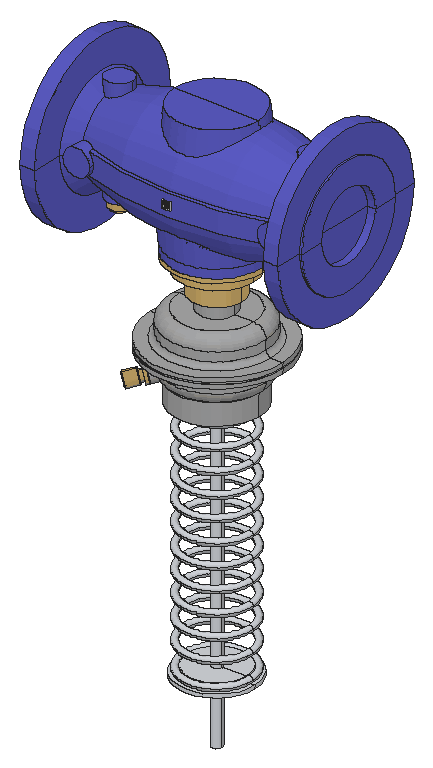
Revit family "Differenzdruckregler F_4007_20-80kPa_HF", category Rohrzubehör, Revit 2019
Family settings
  Bemaßung runder Anschluss = Durchmesser verwenden
  Teiletyp = Unterbricht
  OmniClass-Nummer = 23.65.55.14
  OmniClass-Titel = Valves for Liquid Services
  Arbeitsebenenbasiert = Nein
  Immer vertikal = Ja
  Beim Laden mit Abzugskörper schneiden = Nein
  Gemeinsam genutzt = Nein
Parameters
  Min. Betriebstemperatur (Frostschutz) = -10 °C  # constant formula
  Min. Betriebstemperatur = 2 °C  # constant formula
  Max. Betriebsdruck = 1600000.0 Pa  # constant formula
  Max. Betriebstemperatur = 110 °C  # constant formula
  URL = "www.herz-armaturen.at"
  Sollwertfeder = "EN 10270-1-SH"  # constant formula
  SCRNSEQ = "ARM;ARM_TYP=\"DIFR\";2"
  SCRNCODE = "05;03;02"  # constant formula
  S02 [instance] = H03 + H13  # 141 mm
  S01 [instance] = (2 * H02) + (2 * H04) + H05  # 72.7 mm
  R99 = 14 mm  # constant formula
  R98 = 6 mm  # constant formula
  R97 = 2 mm  # constant formula
  R02 = 15.5 mm  # constant formula
  R01 [instance] = size_lookup("4007_F_20-80_HF", "R1", 45.5 mm, Nennweite)  # 63.5 mm
  R00 [instance] = size_lookup("4007_F_20-80_HF", "R", 53 mm, Nennweite)  # 70 mm
  Nennweite [instance] = 80 mm
  Membrane und O-Ringe = "EPDM"  # constant formula
  Medium = "Die Verwendung von Ethylen- und Propylenglykol ist im Mischungsverhältnis 25 - 50 % zulässig. Heizwasserqualität entsprechend ÖNORM H 5195 bzw. VDI-Richtlinie 2035"
  L05 [instance] = L04 - 6.3 mm  # 114.7 mm
  L04 [instance] = size_lookup("4007_F_20-80_HF", "L4", 81 mm, Nennweite)  # 121 mm
  L03 = 10 mm  # constant formula
  L02 [instance] = size_lookup("4007_F_20-80_HF", "L2", 15 mm, Nennweite)  # 17 mm
  L01 = 3 mm  # constant formula
  L00 [instance] = size_lookup("4007_F_20-80_HF", "L", 115 mm, Nennweite)  # 155 mm
  Hersteller = "HERZ Armaturen Ges.m.b.H."  # constant formula
  H19 [instance] = size_lookup("4007_F_20-80_HF", "H19", 9 mm, Nennweite)  # 603 mm
  H18 [instance] = H19 - 75 mm  # 528 mm
  H17 = 6 mm  # constant formula
  H16 = 10 mm  # constant formula
  H15 = 24.5 mm  # constant formula
  H14 = 5 mm  # constant formula
  H13 = 17 mm  # constant formula
  H12 [instance] = R00 + 4 mm  # 74 mm
  H11 [instance] = R00 + 10 mm  # 80 mm
  H10 = 5 mm  # constant formula
  H09 [instance] = size_lookup("4007_F_20-80_HF", "H9", 9 mm, Nennweite)  # 11 mm
  H08 = 21 mm  # constant formula
  H07 [instance] = R00 + 23.4 mm  # 93.4 mm
  H06 [instance] = D12 + 15 mm  # 63.5 mm
  H05 = 2.5 mm  # constant formula
  H04 = 4.6 mm  # constant formula
  H03 [instance] = H08 + H09 + H10 + H11 + H14 + R97  # 124 mm
  H02 [instance] = size_lookup("4007_F_20-80_HF", "H2", 30.5 mm, Nennweite)  # 30.5 mm
  H01 [instance] = size_lookup("4007_F_20-80_HF", "H1", 210 mm, Nennweite)  # 226 mm
  Gehäuse = "Grauguss GJL250 nach EN 1561"  # constant formula
  Differenzdruck Einstellbereich = "20-80 kPa"  # constant formula
  DN80 [instance] = Nennweite = 80 mm  # yes
  D17 = 6 mm  # constant formula
  D16 = 45 mm  # constant formula
  D15 = 35 mm  # constant formula
  D14 = 50 mm  # constant formula
  D13 [instance] = D11 + 10 mm  # 59 mm
  D12 [instance] = R01 - 15 mm  # 48.5 mm
  D11 [instance] = size_lookup("4007_F_20-80_HF", "D11", 40 mm, Nennweite)  # 49 mm
  D10 [instance] = D11 + 5 mm  # 54 mm
  D09 [instance] = D11 - 5 mm  # 44 mm
  D08 = 24 mm  # constant formula
  D07 = 29.5 mm  # constant formula
  D06 [instance] = size_lookup("4007_F_20-80_HF", "D6", 51 mm, Nennweite)  # 57.8 mm
  D05 [instance] = D04 - 1 mm  # 77 mm
  D04 [instance] = size_lookup("4007_F_20-80_HF", "D4", 51 mm, Nennweite)  # 78 mm
  D03 = 21 mm  # constant formula
  D02 [instance] = Nennweite / 2  # 40 mm
  D01 [instance] = size_lookup("4007_F_20-80_HF", "D1", 51 mm, Nennweite)  # 69 mm
  D00 [instance] = size_lookup("4007_F_20-80_HF", "D", 82.5 mm, Nennweite)  # 100 mm
  Bestellnummer [instance] = if(Nennweite = 80 mm, "F400738", "0")  # "F400738"
  Ausführung = "Der Differenzdruckregler ist ein Proportionalregler in Geradsitzausführung und arbeitet ohne Hilfsenergie für Zweirohranlagen. Der gewünschte Differenzdruck- Sollwert kann zwischen 20 und 80 kPa stufenlos eingestellt werden."
  Anwendung = "Für Heizungs- und Kühlanlagen um den Differenzdruck innerhalb des regeltechnischen Bereiches konstant zu halten."
  Anschlussflansch = "EN 1092-2"  # constant formula
Reference planes
  plane 1 "Mitte (Vorne/hinten)": y = 0
  plane 2: z = -0.015
  plane 3 "Mitte (Links/rechts)": x = 0
Forms (mm)
  Revolve 1, solid, material "Herz-Marineblau", detail levels fine
    sketch origin (1065, 0, 0) x (1, 0, 0) y (0, 1, 0)
      loop
        line (-1217, 100) -> (-1217, 69) -> (-1220, 69) -> (-1220, 40) -> (-1210, 40) -> (-1210, 0) -> (-920, 0) -> (-920, 40) -> (-910, 40) -> (-910, 69) -> (-913, 69) -> (-913, 100) -> (-930, 100) -> (-930, 63.5) -> (-944, 48.5)
        arc (-944, 48.5) -> (-1065, 70) -> (-1186, 48.5) r 351.238
        line (-1186, 48.5) -> (-1200, 63.5) -> (-1200, 100) -> (-1217, 100)
      axis (-1220, 0) -> (-910, 0)
    angle from 0 to 360
  Extrusion 2, solid, material "Herz-Marineblau", detail levels fine
    sketch origin (0, 0, 0) x (1, 0, 0) y (0, 1, 0)
      loop
        circle (-114.7, 0) r 15.5
      loop
        circle (114.7, 0) r 15.5
    from -63.515 to 63.485
  Extrusion 3, solid, material "Herz-Marineblau", detail levels fine
    sketch origin (0, 0, 0) x (-1, 0, 0) y (0, 0, -1)
      loop
        circle (114.7, 0) r 15.5
      loop
        circle (-114.7, 0) r 15.5
    from -63.5 to 63.5
  Revolve 4, solid, material "Herz-Marineblau", detail levels fine
    sketch origin (92.737, 0, -45.97) x (1, 0, 0) y (0, 0, 1)
      loop
        line (-92.737, 119.955) -> (-92.737, -34.045) -> (-38.737, -34.045) -> (-38.737, -24.045) -> (-33.737, 45.97) -> (-43.737, 119.955) -> (-92.737, 119.955)
      axis (-92.737, 119.955) -> (-92.737, -34.045)
    angle from 0 to 360
  Revolve 5, solid, material "Messing", detail levels fine
    sketch origin (446.725, 0, 35.707) x (1, 0, 0) y (0, 0, 1)
      loop
        line (-446.725, -115.722) -> (-446.725, -159.722) -> (-417.225, -159.722) -> (-417.225, -138.722) -> (-422.725, -138.722) -> (-422.725, -133.722) -> (-402.725, -133.722) -> (-402.725, -122.722)
        arc (-402.725, -122.722) -> (-402.14, -121.308) -> (-400.725, -120.722) r 2
        line (-400.725, -120.722) -> (-392.725, -120.722) -> (-392.725, -115.722) -> (-446.725, -115.722)
      axis (-446.725, -159.722) -> (-446.725, -115.722)
    angle from 0 to 360
  Revolve 6, solid, material "Aluminium", detail levels fine
    sketch origin (925.114, 0, 19.41) x (1, 0, 0) y (0, 0, 1)
      loop
        line (-925.114, -143.425) -> (-925.114, -257.625) -> (-875.114, -257.625) -> (-875.114, -233.125) -> (-881.314, -233.125)
        arc (-881.314, -233.125) -> (-871.414, -229.025) -> (-867.314, -219.125) r 14
        line (-867.314, -219.125) -> (-867.314, -208.625)
        arc (-867.314, -208.625) -> (-865.556, -204.383) -> (-861.314, -202.625) r 6
        line (-861.314, -202.625) -> (-847.114, -202.625) -> (-847.114, -198.025) -> (-848.114, -198.025) -> (-848.114, -195.525) -> (-847.114, -195.525) -> (-847.114, -190.925) -> (-861.314, -190.925)
        arc (-861.314, -190.925) -> (-865.556, -189.168) -> (-867.314, -184.925) r 6
        line (-867.314, -184.925) -> (-867.314, -174.425)
        arc (-867.314, -174.425) -> (-871.414, -164.526) -> (-881.314, -160.425) r 14
        line (-881.314, -160.425) -> (-904.114, -160.425) -> (-904.114, -143.425) -> (-925.114, -143.425)
      axis (-925.114, -143.425) -> (-925.114, -257.625)
    angle from 0 to 360
  Extrusion 7, solid, material "Herz-Marineblau", visible <- "DN80", detail levels fine
    sketch origin (0, 0, 0) x (1, 0, 0) y (0, 1, 0)
      loop
        arc (-114.7, -54.973) -> (0, -74) -> (114.7, -54.973) r 355.238
        line (114.7, -54.973) -> (114.7, 54.973)
        arc (114.7, 54.973) -> (0, 74) -> (-114.7, 54.973) r 355.238
        line (-114.7, 54.973) -> (-114.7, -54.973)
    from -12.5 to 12.5
  Revolve 8, solid, detail levels fine
    sketch origin (0, 0, 0) x (1, 0, 0) y (0, 0, 1)
      loop
        line (0, -528.015) -> (45, -528.015) -> (45, -524.015) -> (35, -524.015) -> (35, -518.015) -> (0, -518.015) -> (0, -528.015)
      axis (0, -518.015) -> (0, -528.015)
    angle from 0 to 360
  Revolve 9, solid, detail levels fine
    sketch origin (0, 0, 0) x (1, 0, 0) y (0, 0, 1)
      loop
        line (0, -223.015) -> (0, -603.015) -> (6, -603.015) -> (6, -223.015) -> (0, -223.015)
      axis (0, -223.015) -> (0, -603.015)
    angle from 0 to 360
  Sweep 10, solid, visible <- "DN80", detail levels fine
    path in 3D
      loop
        arc (-39, 0, -241.715) -> (0, -39, -241.715) -> (39, 0, -241.715) r 39
        arc (39, 0, -241.715) -> (0, 39, -241.715) -> (-39, 0, -241.715) r 39
    profile origin (0, 39, -241.715) x (0, -1, 0) y (0, 0, 1)
      loop
        circle (0, 0) r 3.5
  Sweep 11, solid, visible <- "DN80", detail levels fine
    path in 3D
      loop
        arc (-39, 0, -266.715) -> (0, -39, -266.715) -> (39, 0, -266.715) r 39
        arc (39, 0, -266.715) -> (0, 39, -266.715) -> (-39, 0, -266.715) r 39
    profile origin (0, 39, -266.715) x (0, -1, 0) y (0, 0, 1)
      loop
        circle (0, 0) r 3.5
  Sweep 12, solid, visible <- "DN80", detail levels fine
    path in 3D
      loop
        arc (-39, 0, -291.715) -> (0, -39, -291.715) -> (39, 0, -291.715) r 39
        arc (39, 0, -291.715) -> (0, 39, -291.715) -> (-39, 0, -291.715) r 39
    profile origin (0, 39, -291.715) x (0, -1, 0) y (0, 0, 1)
      loop
        circle (0, 0) r 3.5
  Sweep 13, solid, visible <- "DN80", detail levels fine
    path in 3D
      loop
        arc (-39, 0, -316.715) -> (0, -39, -316.715) -> (39, 0, -316.715) r 39
        arc (39, 0, -316.715) -> (0, 39, -316.715) -> (-39, 0, -316.715) r 39
    profile origin (0, 39, -316.715) x (0, -1, 0) y (0, 0, 1)
      loop
        circle (0, 0) r 3.5
  Sweep 14, solid, visible <- "DN80", detail levels fine
    path in 3D
      loop
        arc (-39, 0, -341.715) -> (0, -39, -341.715) -> (39, 0, -341.715) r 39
        arc (39, 0, -341.715) -> (0, 39, -341.715) -> (-39, 0, -341.715) r 39
    profile origin (0, 39, -341.715) x (0, -1, 0) y (0, 0, 1)
      loop
        circle (0, 0) r 3.5
  Sweep 15, solid, visible <- "DN80", detail levels fine
    path in 3D
      loop
        arc (-39, 0, -366.715) -> (0, -39, -366.715) -> (39, 0, -366.715) r 39
        arc (39, 0, -366.715) -> (0, 39, -366.715) -> (-39, 0, -366.715) r 39
    profile origin (0, 39, -366.715) x (0, -1, 0) y (0, 0, 1)
      loop
        circle (0, 0) r 3.5
  Sweep 16, solid, visible <- "DN80", detail levels fine
    path in 3D
      loop
        arc (-39, 0, -391.715) -> (0, -39, -391.715) -> (39, 0, -391.715) r 39
        arc (39, 0, -391.715) -> (0, 39, -391.715) -> (-39, 0, -391.715) r 39
    profile origin (0, 39, -391.715) x (0, -1, 0) y (0, 0, 1)
      loop
        circle (0, 0) r 3.5
  Sweep 17, solid, visible <- "DN80", detail levels fine
    path in 3D
      loop
        arc (-39, 0, -416.715) -> (0, -39, -416.715) -> (39, 0, -416.715) r 39
        arc (39, 0, -416.715) -> (0, 39, -416.715) -> (-39, 0, -416.715) r 39
    profile origin (0, 39, -416.715) x (0, -1, 0) y (0, 0, 1)
      loop
        circle (0, 0) r 3.5
  Sweep 18, solid, visible <- "DN80", detail levels fine
    path in 3D
      loop
        arc (-39, 0, -441.715) -> (0, -39, -441.715) -> (39, 0, -441.715) r 39
        arc (39, 0, -441.715) -> (0, 39, -441.715) -> (-39, 0, -441.715) r 39
    profile origin (0, 39, -441.715) x (0, -1, 0) y (0, 0, 1)
      loop
        circle (0, 0) r 3.5
  Sweep 19, solid, visible <- "DN80", detail levels fine
    path in 3D
      loop
        arc (-39, 0, -466.715) -> (0, -39, -466.715) -> (39, 0, -466.715) r 39
        arc (39, 0, -466.715) -> (0, 39, -466.715) -> (-39, 0, -466.715) r 39
    profile origin (0, 39, -466.715) x (0, -1, 0) y (0, 0, 1)
      loop
        circle (0, 0) r 3.5
  Sweep 20, solid, visible <- "DN80", detail levels fine
    path in 3D
      loop
        arc (-39, 0, -491.715) -> (0, -39, -491.715) -> (39, 0, -491.715) r 39
        arc (39, 0, -491.715) -> (0, 39, -491.715) -> (-39, 0, -491.715) r 39
    profile origin (0, 39, -491.715) x (0, -1, 0) y (0, 0, 1)
      loop
        circle (0, 0) r 3.5
  Sweep 21, solid, visible <- "DN80", detail levels fine
    path in 3D
      loop
        arc (-39, 0, -520.215) -> (0, -39, -520.215) -> (39, 0, -520.215) r 39
        arc (39, 0, -520.215) -> (0, 39, -520.215) -> (-39, 0, -520.215) r 39
    profile origin (0, 39, -520.215) x (0, -1, 0) y (0, 0, 1)
      loop
        circle (0, 0) r 3.5
  Revolve 22, solid, material "Messing, weicher Gelbton, geschweißt", visible <- "DN80", detail levels fine
    sketch origin (4.806, 4.796, -1.426) x (-0.707107, -0.707107, 0) y (0, 0, -1)
      loop
        line (70.524, 205.006) -> (72.604, 195.224) -> (76.516, 196.056) -> (75.643, 200.164) -> (80.534, 201.204) -> (81.133, 198.384) -> (94.817, 201.293) -> (95.511, 202.887) -> (94, 209.996) -> (70.524, 205.006)
      axis (94, 209.996) -> (70.524, 205.006)
    angle from 0 to 360
  Revolve 23, solid, material "Aluminium", visible <- "DN80", detail levels fine
    sketch origin (-31.256, -31.266, -12.266) x (-0.707107, -0.707107, 0) y (0, 0, -1)
      loop
        line (19.524, 194.165) -> (-44.055, 180.651) -> (-42.08, 171.359) -> (21.5, 184.873) -> (19.524, 194.165)
      axis (-44.055, 180.651) -> (19.524, 194.165)
    angle from 0 to 360
  Revolve 24, solid, material "Messing, weicher Gelbton, geschweißt", detail levels fine
    sketch origin (-10, 0, -8) x (1, 0, 0) y (0, 0, 1)
      loop
        line (-104.7, -55.515) -> (-116.7, -55.515) -> (-116.7, -64.515) -> (-113.7, -64.515) -> (-113.7, -68.015) -> (-104.7, -68.015) -> (-104.7, -55.515)
      axis (-104.7, -68.015) -> (-104.7, -55.515)
    angle from 0 to 360
  Revolve 25, solid, material "Messing, weicher Gelbton, geschweißt", detail levels fine
    sketch origin (10, 0, -8) x (-1, 0, 0) y (0, 0, -1)
      loop
        line (-104.7, 55.515) -> (-104.7, 68.015) -> (-113.7, 68.015) -> (-113.7, 64.515) -> (-116.7, 64.515) -> (-116.7, 55.515) -> (-104.7, 55.515)
      axis (-104.7, 68.015) -> (-104.7, 55.515)
    angle from 0 to 360
Lines and regions (mm)
  sketch lines
    curve 1: circle (0, 0, -241.715) r 39 normal (0, 0, 1)
    curve 2: circle (0, 0, -266.715) r 39 normal (0, 0, 1)
    curve 3: circle (0, 0, -291.715) r 39 normal (0, 0, 1)
    curve 4: circle (0, 0, -316.715) r 39 normal (0, 0, 1)
    curve 5: circle (0, 0, -341.715) r 39 normal (0, 0, 1)
    curve 6: circle (0, 0, -366.715) r 39 normal (0, 0, 1)
    curve 7: circle (0, 0, -391.715) r 39 normal (0, 0, 1)
    curve 8: circle (0, 0, -416.715) r 39 normal (0, 0, 1)
    curve 9: circle (0, 0, -441.715) r 39 normal (0, 0, 1)
    curve 10: circle (0, 0, -466.715) r 39 normal (0, 0, 1)
    curve 11: circle (0, 0, -491.715) r 39 normal (0, 0, 1)
    curve 12: circle (0, 0, -520.215) r 39 normal (0, 0, 1)
  model lines, visible <- "DN80", detail levels fine
    curve 13: line (-39, 0, -238.215) -> (39, 0, -238.215)
  model lines, detail levels coarse+medium
    curve 14: line (-155, 0, 99.985) -> (-155, 0, -100.015)
    curve 15: line (-155, 0, -100.015) -> (155, 0, 99.985)
    curve 16: line (155, 0, 99.985) -> (155, 0, -100.015)
    curve 17: line (155, 0, -100.015) -> (-155, 0, 99.985)
    curve 18: line (-77.5, 0, -50.015) -> (0, 0, -100.015)
    curve 19: line (0, 0, -100.015) -> (77.5, 0, -50.015)
    curve 20: line (0, 0, -100.015) -> (0, 0, -141.015)
    curve 21: spline (-78, 0, -177.365) -> (-75.342, 0, -167.957) -> (-67.55, 0, -159.19) -> (-55.154, 0, -151.662) -> (-39, 0, -145.885) -> (-20.188, 0, -142.254) -> (0, 0, -141.015) -> (20.188, 0, -142.254) -> (39, 0, -145.885) -> (55.154, 0, -151.662) -> (67.55, 0, -159.19) -> (75.342, 0, -167.957) -> (78, 0, -177.365) -> (75.342, 0, -186.773) -> (67.55, 0, -195.54) -> (55.154, 0, -203.069) -> (39, 0, -208.845) -> (20.188, 0, -212.477) -> (0, 0, -213.715) -> (-20.188, 0, -212.477) -> (-39, 0, -208.845) -> (-55.154, 0, -203.069) -> (-67.55, 0, -195.54) -> (-75.342, 0, -186.773) -> (-78, 0, -177.365)
    curve 22: line (-155, 100, 0) -> (-155, -100, 0)
    curve 23: line (-155, -100, 0) -> (155, 100, 0)
    curve 24: line (155, 100, 0) -> (155, -100, 0)
    curve 25: line (155, -100, 0) -> (-155, 100, 0)
    curve 26: line (-77.5, -50, 0) -> (0, -100, 0)
    curve 27: line (0, -100, 0) -> (77.5, -50, 0)
    curve 28: line (0, -100, 0) -> (0, -141, 0)
    curve 29: spline (-78, -177.35, 0) -> (-75.342, -167.942, 0) -> (-67.55, -159.175, 0) -> (-55.154, -151.647, 0) -> (-39, -145.87, 0) -> (-20.188, -142.239, 0) -> (0, -141, 0) -> (20.188, -142.239, 0) -> (39, -145.87, 0) -> (55.154, -151.647, 0) -> (67.55, -159.175, 0) -> (75.342, -167.942, 0) -> (78, -177.35, 0) -> (75.342, -186.758, 0) -> (67.55, -195.525, 0) -> (55.154, -203.053, 0) -> (39, -208.83, 0) -> (20.188, -212.461, 0) -> (0, -213.7, 0) -> (-20.188, -212.461, 0) -> (-39, -208.83, 0) -> (-55.154, -203.053, 0) -> (-67.55, -195.525, 0) -> (-75.342, -186.758, 0) -> (-78, -177.35, 0)
Dimensions and locks
  "H06": Extrusion 3 to plane 1 "Mitte (Vorne/hinten)" to Extrusion 3  (x2)
  "L02": Revolve 1 sketch curve to Revolve 1 sketch curve  (x2)
  "L01": Revolve 1 sketch curve to Revolve 1 sketch curve  (x2)
  "L00": Revolve 1 sketch curve to plane 3 "Mitte (Links/rechts)" to Revolve 1 sketch curve
  "L03": Revolve 1 sketch curve to Revolve 1 sketch curve  (x2)
  "D02": plane 1 "Mitte (Vorne/hinten)" to Revolve 1 sketch curve  (x2)
  "L04": plane 3 "Mitte (Links/rechts)" to Revolve 1 sketch curve
  "R01": plane 1 "Mitte (Vorne/hinten)" to Revolve 1 sketch curve
  "D01": plane 1 "Mitte (Vorne/hinten)" to Revolve 1 sketch curve  (x2)
  "D00": plane 1 "Mitte (Vorne/hinten)" to Revolve 1 sketch curve  (x2)
  "H06": Extrusion 2 to plane 2 to Extrusion 2  (x2)
  "L04": Revolve 1 sketch curve to plane 3 "Mitte (Links/rechts)"
  "R00": Revolve 1 sketch curve to Revolve 1 sketch curve
  "R01": Revolve 1 sketch curve to Revolve 1 sketch curve
  "D05": Revolve 6 sketch curve to Revolve 6 sketch curve
  "D04": Revolve 6 sketch curve to Revolve 6 sketch curve  (x2)
  "H04": Revolve 6 sketch curve to Revolve 6 sketch curve  (x2)
  "H05": Revolve 6 sketch curve to Revolve 6 sketch curve
  "H02": Revolve 6 sketch curve to Revolve 6 sketch curve  (x2)
  "H03": plane 2 to Revolve 6 sketch curve
  "D06": Revolve 6 sketch curve to Revolve 6 sketch curve
  "D03": Revolve 6 sketch curve to Revolve 6 sketch curve
  "D07": Revolve 5 sketch curve to Revolve 5 sketch curve
  "D08": Revolve 5 sketch curve to Revolve 5 sketch curve
  "H08": Revolve 5 sketch curve to Revolve 5 sketch curve
  "D09": Revolve 5 sketch curve to Revolve 5 sketch curve
  "D10": Revolve 5 sketch curve to Revolve 5 sketch curve
  "H10": Revolve 5 sketch curve to Revolve 5 sketch curve
  "H11": plane 2 to Revolve 4 sketch curve
  "H11": plane 2 to Revolve 5 sketch curve
  "D10": Revolve 4 sketch curve to Revolve 4 sketch curve
  "H12": Revolve 4 sketch curve to plane 2
  "L05": Extrusion 2 sketch curve to plane 3 "Mitte (Links/rechts)"
  "L05": plane 3 "Mitte (Links/rechts)" to Extrusion 2 sketch curve
  "L05": plane 3 "Mitte (Links/rechts)" to Extrusion 3 sketch curve
  "L05": Extrusion 3 sketch curve to plane 3 "Mitte (Links/rechts)"
  "D12": Revolve 1 sketch curve to Revolve 1 sketch curve  (x2)
  "D06": plane 3 "Mitte (Links/rechts)" to Revolve 6 sketch curve
  "R00": plane 2 to Revolve 4 sketch curve
  "D11": Revolve 4 sketch curve to Revolve 4 sketch curve
  "D13": Revolve 4 sketch curve to Revolve 4 sketch curve
  "H13": Revolve 6 sketch curve to Revolve 6 sketch curve
  "H14": Revolve 5 sketch curve to Revolve 5 sketch curve
  "H09": Revolve 5 sketch curve to Revolve 5 sketch curve
  "H03": plane 2 to Revolve 5 sketch curve
  "D14": Revolve 6 sketch curve to plane 3 "Mitte (Links/rechts)"
  "H15": Revolve 6 sketch curve to Revolve 6 sketch curve
  "H16": Revolve 8 sketch curve to Revolve 8 sketch curve
  "D15": Revolve 8 sketch curve to Revolve 8 sketch curve
  "D16": Revolve 8 sketch curve to Revolve 8 sketch curve
  "H17": Revolve 8 sketch curve to Revolve 8 sketch curve
  "D17": Revolve 9 sketch curve to Revolve 9 sketch curve
  "L00": curve 14 to plane 3 "Mitte (Links/rechts)" to curve 16
  "D00": curve 17 to plane 2 to curve 15
  "D00": curve 16 to plane 2 to curve 17
  equal spacing: plane 3 "Mitte (Links/rechts)", curve 18, curve 15
  equal spacing: curve 17, curve 19, plane 3 "Mitte (Links/rechts)"
  "D00": plane 2 to curve 19
  "S02": plane 2 to curve 20
  "D04": plane 3 "Mitte (Links/rechts)" to curve 21
  "S01": curve 21 to curve 21
  "S02": plane 2 to curve 21
  "L00": curve 22 to plane 3 "Mitte (Links/rechts)" to curve 24
  "D00": curve 23 to plane 1 "Mitte (Vorne/hinten)" to curve 25
  "D00": curve 25 to plane 1 "Mitte (Vorne/hinten)" to curve 24
  equal spacing: plane 3 "Mitte (Links/rechts)", curve 26, curve 23
  equal spacing: plane 3 "Mitte (Links/rechts)", curve 27, curve 25
  "D00": curve 27 to plane 1 "Mitte (Vorne/hinten)"
  "S02": curve 28 to plane 1 "Mitte (Vorne/hinten)"
  "S01": curve 29 to curve 29
  "D04": curve 29 to plane 3 "Mitte (Links/rechts)"
  "S02": curve 29 to plane 1 "Mitte (Vorne/hinten)"
  "H19": plane 2 to Revolve 9 sketch curve
  "H18": plane 2 to Revolve 8 sketch curve
  Revolve 24 sketch curve to Revolve 24 sketch curve = 9 mm  (x2)
  Revolve 24 sketch curve to Revolve 24 sketch curve = 12.5 mm
  Revolve 24 sketch curve to Revolve 24 sketch curve = 12 mm
  "L05": plane 3 "Mitte (Links/rechts)" to Revolve 24 sketch curve
  "H06": plane 2 to Revolve 24 sketch curve
  Revolve 25 sketch curve to Revolve 25 sketch curve = 9 mm  (x2)
  Revolve 25 sketch curve to Revolve 25 sketch curve = 12.5 mm
  Revolve 25 sketch curve to Revolve 25 sketch curve = 12 mm
  "L05": Revolve 25 sketch curve to plane 3 "Mitte (Links/rechts)"
  "H06": plane 2 to Revolve 25 sketch curve
  "R99": radius of Revolve 6 sketch curve  (x2)
  "R98": radius of Revolve 6 sketch curve  (x2)
  "R02": radius of Extrusion 2 sketch curve  (x2)
  "R02": radius of Extrusion 3 sketch curve  (x2)
  "R97": radius of Revolve 5 sketch curve
  aligned and locked: level to plane 2
Automatic sketch dimensions
  Extrusion 7 sketch curve to plane 3 "Mitte (Links/rechts)" = 0 mm  (x2)
  plane 1 "Mitte (Vorne/hinten)" to Extrusion 7 sketch curve = 54.973 mm
  Extrusion 7 sketch curve to plane 3 "Mitte (Links/rechts)" = 114.7 mm
  Extrusion 7 sketch curve to plane 1 "Mitte (Vorne/hinten)" = 54.973 mm
  plane 3 "Mitte (Links/rechts)" to Extrusion 7 sketch curve = 114.7 mm
  Extrusion 7 sketch curve to Extrusion 7 sketch curve = 226.265 mm  (x2)
  Sweep 10 sketch curve to profile plane = 0 mm  (x2)
  Sweep 11 sketch curve to profile plane = 0 mm  (x2)
  Sweep 12 sketch curve to profile plane = 0 mm  (x2)
  Sweep 13 sketch curve to profile plane = 0 mm  (x2)
  Sweep 14 sketch curve to profile plane = 0 mm  (x2)
  Sweep 15 sketch curve to profile plane = 0 mm  (x2)
  Sweep 16 sketch curve to profile plane = 0 mm  (x2)
  Sweep 17 sketch curve to profile plane = 0 mm  (x2)
  Sweep 18 sketch curve to profile plane = 0 mm  (x2)
  Sweep 19 sketch curve to profile plane = 0 mm  (x2)
  Sweep 20 sketch curve to profile plane = 0 mm  (x2)
  Sweep 21 sketch curve to profile plane = 0 mm  (x2)
  curve 13 to plane 3 "Mitte (Links/rechts)" = 39 mm
  plane 3 "Mitte (Links/rechts)" to curve 13 = 39 mm
  curve 13 to plane 2 = 238.2 mm
  Revolve 22 sketch curve to plane 2 = 206.416 mm
  Revolve 22 sketch curve to plane 2 = 196.635 mm
  Revolve 22 sketch curve to Revolve 22 sketch curve = 2.079 mm
  Revolve 22 sketch curve to plane 2 = 201.575 mm
  Revolve 22 sketch curve to Revolve 22 sketch curve = 3.039 mm
  Revolve 22 sketch curve to plane 2 = 202.614 mm
  Revolve 22 sketch curve to plane 2 = 199.795 mm
  Revolve 22 sketch curve to plane 2 = 211.406 mm
  Revolve 22 sketch curve to plane 2 = 202.704 mm
  Revolve 22 sketch curve to plane 2 = 204.297 mm
  Revolve 22 sketch curve to plane 2 = 206.419 mm
  Revolve 22 sketch curve to Revolve 22 sketch curve = 0.015 mm
  Revolve 22 sketch curve to plane 2 = 208.733 mm
  Revolve 22 sketch curve to Revolve 22 sketch curve = 0.89 mm
  Revolve 23 sketch curve to plane 2 = 192.902 mm
  Revolve 23 sketch curve to plane 2 = 183.61 mm
  Revolve 23 sketch curve to Revolve 23 sketch curve = 1.975 mm
  Revolve 23 sketch curve to plane 2 = 206.416 mm
  Revolve 23 sketch curve to plane 2 = 202.266 mm
  Revolve 23 sketch curve to Revolve 23 sketch curve = 19.524 mm
  Revolve 23 sketch curve to plane 2 = 217.257 mm
  Revolve 23 sketch curve to Revolve 23 sketch curve = 51 mm
  curve 21 to plane 3 "Mitte (Links/rechts)" = 0 mm
  curve 20 to plane 3 "Mitte (Links/rechts)" = 0 mm
  curve 29 to plane 3 "Mitte (Links/rechts)" = 0 mm
  curve 28 to plane 3 "Mitte (Links/rechts)" = 0 mm
  plane 1 "Mitte (Vorne/hinten)" to Revolve 1 sketch curve = 0 mm  (x2)
  Revolve 1 sketch curve to Revolve 1 sketch curve = 35 mm
  Revolve 1 sketch curve to Revolve 1 sketch curve = 40 mm
  plane 1 "Mitte (Vorne/hinten)" to Extrusion 2 sketch curve = 0 mm  (x2)
  Extrusion 3 sketch curve to level = 0 mm  (x2)
  Revolve 4 sketch curve to plane 3 "Mitte (Links/rechts)" = 0 mm  (x2)
  Revolve 4 sketch curve to level = 0 mm
  Revolve 4 sketch curve to plane 2 = 25.895 mm
  level to Revolve 4 sketch curve = 24.09 mm
  Revolve 5 sketch curve to plane 3 "Mitte (Links/rechts)" = 0 mm  (x2)
  Revolve 5 sketch curve to Revolve 5 sketch curve = 8.988 mm
  Revolve 5 sketch curve to Revolve 5 sketch curve = 0 mm
  Revolve 6 sketch curve to plane 3 "Mitte (Links/rechts)" = 0 mm  (x2)
  Revolve 6 sketch curve to Revolve 6 sketch curve = 0 mm
  Revolve 6 sketch curve to Revolve 6 sketch curve = 9.421 mm
  plane 3 "Mitte (Links/rechts)" to Revolve 8 sketch curve = 0 mm
  Revolve 8 sketch curve to plane 3 "Mitte (Links/rechts)" = 0 mm
  Revolve 8 sketch curve to Revolve 8 sketch curve = 168.671 mm
  level to Revolve 8 sketch curve = 2214.315 mm
  Revolve 9 sketch curve to plane 3 "Mitte (Links/rechts)" = 0 mm  (x2)
  Revolve 9 sketch curve to plane 2 = 223 mm
  Revolve 9 sketch curve to Revolve 9 sketch curve = 17.86 mm
  level to Revolve 9 sketch curve = 2214.315 mm
  Revolve 24 sketch curve to Revolve 24 sketch curve = 0 mm  (x3)
  Revolve 25 sketch curve to Revolve 25 sketch curve = 0 mm  (x3)
  radius of Sweep 10 sketch curve = 3.5 mm
  radius of Sweep 11 sketch curve = 3.5 mm
  radius of Sweep 12 sketch curve = 3.5 mm
  radius of Sweep 13 sketch curve = 3.5 mm
  radius of Sweep 14 sketch curve = 3.5 mm
  radius of Sweep 15 sketch curve = 3.5 mm
  radius of Sweep 16 sketch curve = 3.5 mm
  radius of Sweep 17 sketch curve = 3.5 mm
  radius of Sweep 18 sketch curve = 3.5 mm
  radius of Sweep 19 sketch curve = 3.5 mm
  radius of Sweep 20 sketch curve = 3.5 mm
  radius of Sweep 21 sketch curve = 3.5 mm
Nested families
  nested 1: "Herz-Logo-vorne" at (-0.018, -73.982, 0) x (0, 1, 0) z (0, 0, 1), visible <- "DN80", type "Herz-Logo-vorne", detail levels fine
Connectors
  piping at (-155, 0, 0), diameter 80, driven by "Nennweite"
    settings: on Revolve 1, index 1, connector inside diameter 609.6 mm, connector length 0 mm, flow factor 0, pipe flow 0.0 L/s, pressure drop 0.0 Pa, fitting loss kfactor 0, connector angle 0.00°, fixture units 0, engagement length 0 mm, angle of deflection 0.00°, flow configuration 0, flow direction 2, fitting loss method 0, system type 29, joint type 0, gender type 0, connector reference index -1, connector utility 0, adjustable connector no, is connector primary yes, connector description ""
  piping at (155, 0, 0), diameter 80, driven by "Nennweite"
    settings: on Revolve 1, index 2, connector inside diameter 609.6 mm, connector length 0 mm, flow factor 0, pipe flow 0.0 L/s, pressure drop 0.0 Pa, fitting loss kfactor 0, connector angle 0.00°, fixture units 0, engagement length 0 mm, angle of deflection 0.00°, flow configuration 0, flow direction 1, fitting loss method 0, system type 29, joint type 0, gender type 0, connector reference index -1, connector utility 0, adjustable connector no, is connector primary no, connector description ""
Definition of nested family "Herz-Logo-vorne"
  Reference planes
    plane 1 "Mitte (Vorne/hinten)": y = 0
    plane 2: z = 0
    plane 3 "Mitte (Links/rechts)": x = 0
  Forms (mm)
    Extrusion 1, solid
      sketch origin (0.732, -0.018, 0.017) x (0, -1, 0) y (0, 0, 1)
        loop
          line (-0.018, -4.517) -> (4.482, -4.517) -> (4.482, 4.483) -> (-4.518, 4.483) -> (-4.518, -4.517) -> (-0.018, -4.517)
        loop
          line (-0.05, -3.48) -> (3.482, -3.48) -> (3.482, 3.483) -> (-3.518, 3.483) -> (-3.518, -3.48) -> (-0.05, -3.48)
        loop
          arc (-0.018, 2.383) -> (-1.543, 3.287) -> (-3.067, 2.383) r 1.738
          arc (-3.067, 2.383) -> (-3.191, 1.899) -> (-3.067, 1.415) r 1.009
          line (-3.067, 1.415) -> (-0.018, -3.281) -> (3.032, 1.415)
          arc (3.032, 1.415) -> (3.156, 1.899) -> (3.032, 2.383) r 1.009
          arc (3.032, 2.383) -> (1.507, 3.287) -> (-0.018, 2.383) r 1.738
        loop
          arc (1.885, 1.272) -> (2.005, 1.675) -> (1.885, 2.079) r 0.74
          arc (1.885, 2.079) -> (1.265, 2.416) -> (0.644, 2.079) r 0.74
          line (0.644, 2.079) -> (-0.018, 0.97) -> (-0.679, 2.079)
          arc (-0.679, 2.079) -> (-1.3, 2.416) -> (-1.921, 2.079) r 0.74
          arc (-1.921, 2.079) -> (-2.04, 1.675) -> (-1.921, 1.272) r 0.74
          line (-1.921, 1.272) -> (-0.018, -1.658) -> (1.885, 1.272)
      from 0 to 1.5
  Dimensions and locks
    aligned and locked: level to plane 2
